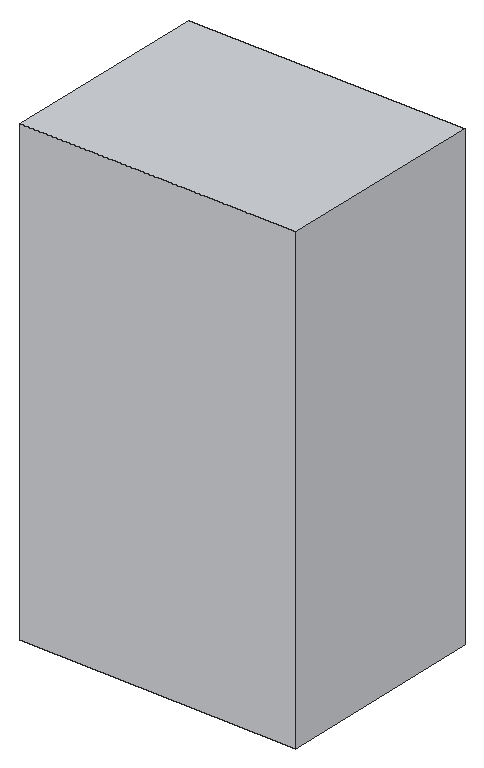
Revit family
Parameters
  Warranty Duration (Years) = 0
  Unit Width [instance] = 0' - 7 3/8"
  Unit Height [instance] = 0' - 6"
  Unit Depth = 0' - 0 5/64"
  URL = "http://www.americanspecialties.com/viewCategories.cfm"
  Trim Material = Metal - Stainless Steel w/satin
  Test Data = ""
  Specification = "http://www.arcat.com/sdspecs/htm/10810asi.htm"
  SpecWizard = ""
  Send Message = "http://www.arcat.com/users.pl?action=UserEmail&company=American%20Specialties,%20Inc.&coid=30448&rep=139&fax=914-476-0688&mf="
  Sales Information = "http://www.americanspecialties.com/contact"
  Revision = "R1_10-2010"
  Product Properties = "http://www.americanspecialties.com/datasheets/140.pdf"
  Product Data = "http://www.arcat.com/arcatcos/cos30/arc30448.html"
  Model = "As Specified in 10 28 13"
  Manufacturer Website = "http://www.americanspecialties.com/viewCategories.cfm"
  Manufacturer Phone - Toll Free = ""
  Manufacturer Phone = "914-476-9000 "
  Manufacturer Fax = "914-476-0688"
  Manufacturer Address = "441 Saw Mill River Rd., Yonkers, NY 10701"
  Manufacturer = "American Specialties, Inc."
  Maintenance Schedule (Months) = 0
  Keynote = "10 28 13"
  Installation-Fabrication = "http://www.americanspecialties.com/products.cfm"
  Green Building-LEED = ""
  Expected Lifespan (Years) = 0
  Drawn By = "Robert S. Weygant. CSI, CDT, SCIP"  # constant formula
  Description = "Toilet Accessory as Specified in 10 28 13"
  Default Elevation = 4' - 0"
  Copyright = "©Arcat Inc."
  Construction Details = "http://www.arcat.com/green/clients/leed_data_30448.html"
  Building Codes = "http://www.americanspecialties.com/products.cfm"
  Body Material = Metal - Stainless Steel w/satin
  Assembly Code = "C1030210"
Reference planes (in)
  plane 1 "Center (Front/Back)": y = -0.29112
  plane 2 "Floor Line": z = 0
  plane 3 "Center (Left/Right)": x = -0.65843
Forms (in)
  Extrusion 1, solid
    sketch origin (-3, -9, -6) x (0, 0, -1) y (1, 0, 0)
      loop
        line (-82, 26) -> (-82, -19.34712) -> (-6, -19.34712) -> (-6, 26) -> (-82, 26)
    from 9 to -25.60721
  Extrusion 2, solid, material "Metal - Stainless Steel w/satin" <- "Body Material"
    sketch origin (0, 0, 0) x (1, 0, 0) y (0, 1, 0)
      loop
        arc (-3.95312, 2.70888) -> (-4.23088, 2.59383) -> (-4.34593, 2.31607) r 0.39281
        line (-4.34593, 2.31607) -> (-4.34593, -2.8983)
        arc (-4.34593, -2.8983) -> (-4.23088, -3.17606) -> (-3.95312, -3.29112) r 0.39281
        line (-3.95312, -3.29112) -> (2.63625, -3.29112)
        arc (2.63625, -3.29112) -> (2.91401, -3.17606) -> (3.02907, -2.8983) r 0.39281
        line (3.02907, -2.8983) -> (3.02907, 2.31607)
        arc (3.02907, 2.31607) -> (2.91401, 2.59383) -> (2.63625, 2.70888) r 0.39281
        line (2.63625, 2.70888) -> (-3.95312, 2.70888)
    from 0 to 0.07813
  Extrusion 3, void
    sketch origin (0, 0, 0) x (1, 0, 0) y (0, 1, 0)
      loop
        arc (-3.09593, 1.95888) -> (-3.44949, 1.81244) -> (-3.59593, 1.45888) r 0.5
        line (-3.59593, 1.45888) -> (-3.59593, -2.04112)
        arc (-3.59593, -2.04112) -> (-3.44949, -2.39467) -> (-3.09593, -2.54112) r 0.5
        line (-3.09593, -2.54112) -> (1.77907, -2.54112)
        arc (1.77907, -2.54112) -> (2.13262, -2.39467) -> (2.27907, -2.04112) r 0.5
        line (2.27907, -2.04112) -> (2.27907, 1.45888)
        arc (2.27907, 1.45888) -> (2.13262, 1.81244) -> (1.77907, 1.95888) r 0.5
        line (1.77907, 1.95888) -> (-3.09593, 1.95888)
    from -2.92 to 0
  Extrusion 4, solid, material "Metal - Stainless Steel w/satin" <- "Body Material"
    sketch origin (0, 0, 0) x (1, 0, 0) y (0, 1, 0)
      loop
        line (1.77907, 1.95888) -> (-3.09593, 1.95888)
        arc (-3.09593, 1.95888) -> (-3.44949, 1.81244) -> (-3.59593, 1.45888) r 0.5
        line (-3.59593, 1.45888) -> (-3.59593, -2.04112)
        arc (-3.59593, -2.04112) -> (-3.44949, -2.39467) -> (-3.09593, -2.54112) r 0.5
        line (-3.09593, -2.54112) -> (1.77907, -2.54112)
        arc (1.77907, -2.54112) -> (2.13262, -2.39467) -> (2.27907, -2.04112) r 0.5
        line (2.27907, -2.04112) -> (2.27907, 1.45888)
        arc (2.27907, 1.45888) -> (2.13262, 1.81244) -> (1.77907, 1.95888) r 0.5
    from 0 to -2.92
  Extrusion 5, void
    sketch origin (0, 0, 0) x (1, 0, 0) y (0, 1, 0)
      loop
        line (1.77907, 1.89638) -> (-3.09593, 1.89638)
        arc (-3.09593, 1.89638) -> (-3.40529, 1.76824) -> (-3.53343, 1.45888) r 0.4375
        line (-3.53343, 1.45888) -> (-3.53343, -2.04112)
        arc (-3.53343, -2.04112) -> (-3.40529, -2.35048) -> (-3.09593, -2.47862) r 0.4375
        line (-3.09593, -2.47862) -> (1.77907, -2.47862)
        arc (1.77907, -2.47862) -> (2.08843, -2.35048) -> (2.21657, -2.04112) r 0.4375
        line (2.21657, -2.04112) -> (2.21657, 1.45888)
        arc (2.21657, 1.45888) -> (2.08843, 1.76824) -> (1.77907, 1.89638) r 0.4375
    from 0.07813 to -2.84394
Cuts and joins
  Extrusion 3, Extrusion 5 cuts Extrusion 2
  Extrusion 5 cuts Extrusion 4
Dimensions and locks (in)
  "Unit Depth": cut or joined group of Extrusion 2, Extrusion 3, Extrusion 5 to cut or joined group of Extrusion 2, Extrusion 3, Extrusion 5
  aligned and locked: Extrusion 1 to level
  aligned and locked: level to Extrusion 3
Automatic sketch dimensions
  Extrusion 1 sketch curve to Extrusion 1 sketch curve = 6' - 4"
  Extrusion 1 sketch curve to Extrusion 1 sketch curve = 3' - 9.34712"
  Extrusion 2 sketch curve to plane 3 "Center (Left/Right)" = 0' - 3 11/16"
  Extrusion 2 sketch curve to Extrusion 2 sketch curve = 0' - 0.39281"  (x3)
  plane 3 "Center (Left/Right)" to Extrusion 2 sketch curve = 0' - 3.29469"  (x2)
  plane 1 "Center (Front/Back)" to Extrusion 2 sketch curve = 0' - 3"
  Extrusion 2 sketch curve to plane 1 "Center (Front/Back)" = 0' - 2.60719"
  Extrusion 3 sketch curve to plane 3 "Center (Left/Right)" = 0' - 2 15/16"
  Extrusion 3 sketch curve to Extrusion 3 sketch curve = 0' - 0 1/2"  (x3)
  plane 3 "Center (Left/Right)" to Extrusion 3 sketch curve = 0' - 2 7/16"  (x2)
  plane 1 "Center (Front/Back)" to Extrusion 3 sketch curve = 0' - 2 1/4"
  Extrusion 3 sketch curve to plane 1 "Center (Front/Back)" = 0' - 1 3/4"
  Extrusion 4 sketch curve to plane 3 "Center (Left/Right)" = 0' - 2 7/16"
  plane 3 "Center (Left/Right)" to Extrusion 4 sketch curve = 0' - 2 7/16"
  Extrusion 4 sketch curve to plane 1 "Center (Front/Back)" = 0' - 2 1/4"
  Extrusion 4 sketch curve to Extrusion 4 sketch curve = 0' - 0 1/2"  (x4)
  plane 1 "Center (Front/Back)" to Extrusion 4 sketch curve = 0' - 1 3/4"
  Extrusion 5 sketch curve to plane 3 "Center (Left/Right)" = 0' - 2 7/8"
  Extrusion 5 sketch curve to Extrusion 5 sketch curve = 0' - 0 7/16"  (x4)
  plane 3 "Center (Left/Right)" to Extrusion 5 sketch curve = 0' - 2 7/16"
  plane 1 "Center (Front/Back)" to Extrusion 5 sketch curve = 0' - 2 3/16"
  Extrusion 5 sketch curve to plane 1 "Center (Front/Back)" = 0' - 1 3/4"
